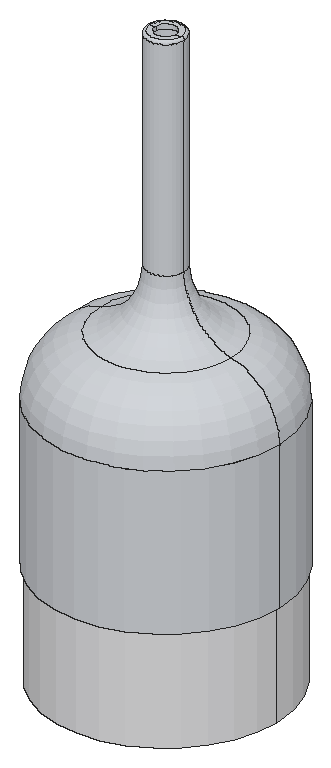
Revit family "MPA SHADE", category Lighting Fixtures, Revit 2024
Family settings
  Round Connector Dimension = Use Diameter
  Part Type = Normal
  OmniClass Number = 23.80.70.00
  OmniClass Title = Lighting
  Work Plane-Based = No
  Always vertical = Yes
  Cut with Voids When Loaded = No
  Light Source = Yes
  Maintain Annotation Orientation = No
  Shared = No
  Room Calculation Point = No
Parameters
  Wattage = 12.1178 W
  built-in parameter 1150110 = 1 (stored number, unit not read)
  built-in parameter 1114217 = 1 (stored number, unit not read)
  built-in parameter 1150109 = 1 (stored number, unit not read)
  built-in parameter 1150134 = (empty or 0)
  built-in parameter 1150113 = 1 (stored number, unit not read)
  Lumens = 1800 lm
  built-in parameter 1150115 = 1 (stored number, unit not read)
  built-in parameter 1150105 = 572.96 (stored number, unit not read)
  Light Source Symbol Size = 2' - 0"
  built-in parameter 1150137 = (empty or 0)
  built-in parameter 1150139 = (empty or 0)
  built-in parameter 1150112 = 1 (stored number, unit not read)
  built-in parameter 1150114 = 1 (stored number, unit not read)
  built-in parameter 1150132 = 2
  built-in parameter 1150102 = (empty or 0)
  built-in parameter 1150138 = (empty or 0)
  built-in parameter 1150107 = 3000 (stored number, unit not read)
  built-in parameter 1150106 = 5.7296 (stored number, unit not read)
  built-in parameter 1150104 = 13.8 (stored number, unit not read)
  Dimming Lamp Color Temperature Shift = (empty or 0)
  Default Elevation = 0' - 0"
  Color Filter = 16777215
  built-in parameter 1114218 = 1 (stored number, unit not read)
  built-in parameter 1150133 = 10 (stored number, unit not read)
Reference planes (in)
  plane 1 "Light Source Axis (F/B)": y = 0
  plane 2: z = 0
  plane 3 "Light Source Axis (L/R)": x = 0
  plane 4 "Light Source Elevation": z = 84
Forms (in)
  Revolve 1, solid
    sketch origin (0, 0, 0) x (1, 0, 0) y (0, 0, 1)
      loop
        line (-0.25, 98) -> (-0.375, 98)
        arc (-0.375, 98) -> (-0.41919, 97.98169) -> (-0.4375, 97.9375) r 0.0625
        line (-0.4375, 97.9375) -> (-0.4375, 92.94444)
        arc (-0.4375, 92.94444) -> (-0.75555, 92.02074) -> (-1.57487, 91.48867) r 1.50033
        arc (-1.57487, 91.48867) -> (-2.41989, 90.96308) -> (-2.75, 90.02427) r 1.5
        line (-2.75, 90.02427) -> (-2.75, 86.5) -> (-2.65625, 86.5) -> (-2.65625, 90.02427)
        arc (-2.65625, 90.02427) -> (-2.3464, 90.90486) -> (-1.55341, 91.3974) r 1.40625
        arc (-1.55341, 91.3974) -> (-0.68207, 91.96253) -> (-0.34375, 92.94444) r 1.59408
        line (-0.34375, 92.94444) -> (-0.34375, 97.90625) -> (-0.25, 97.90625) -> (-0.25, 98)
      axis (0, 98) -> (0, 86.5)
    angle from 0 to 360
  Revolve 2, solid
    sketch origin (0, 0, 0) x (1, 0, 0) y (0, 0, 1)
      loop
        line (-2.6875, 86.5) -> (-2.6875, 84) -> (-2.59375, 84) -> (-2.59375, 86.5) -> (-2.6875, 86.5)
      axis (0, 86.5) -> (0, 84)
    angle from 0 to 360
Dimensions and locks (in)
  aligned and locked: plane 3 "Light Source Axis (L/R)" to imposter light
  aligned and locked: plane 1 "Light Source Axis (F/B)" to imposter light
  aligned and locked: plane 4 "Light Source Elevation" to imposter light
  aligned and locked: level to plane 2
